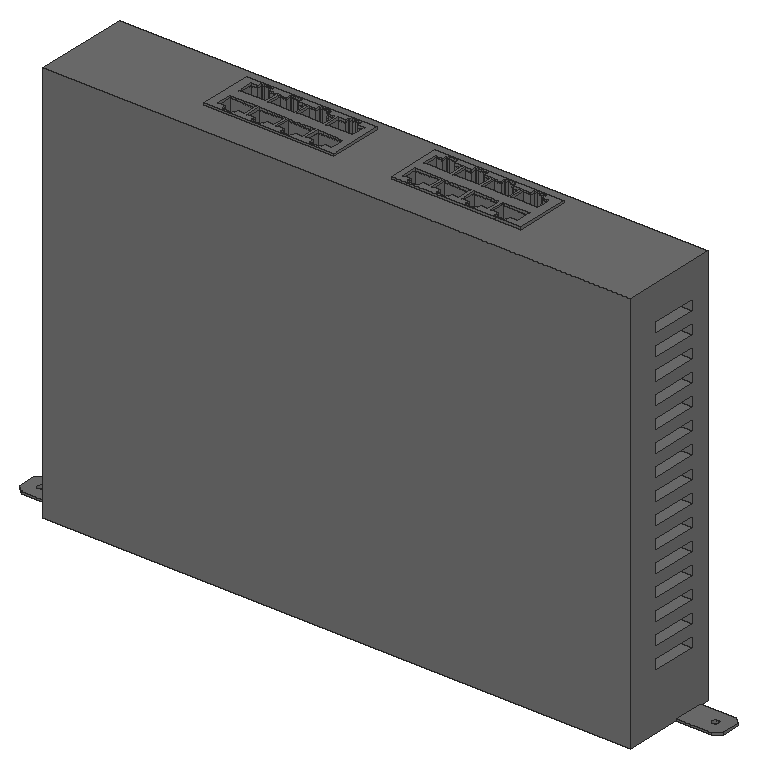
Revit family "Б4958_RV17_LOD400 (05.11.23)", category Электрооборудование, Revit 2017 (continued)
Connectors
  cabletrayconduit at (36.199, -6.589, 178), diameter 20, driven by "d_короба"
    settings: on cut or joined group 1 (Extrusion 1, Extrusion 3, Extrusion 4, Extrusion 5, Extrusion 6, Extrusion 7, Extrusion 8, Extrusion 9, Extrusion 10, Extrusion 11, Extrusion 12, Extrusion 13, Extrusion 14, Extrusion 15, Extrusion 16, Extrusion 17, Extrusion 19, Extrusion 20, Extrusion 21, Extrusion 22, Extrusion 23, Extrusion 24, Extrusion 25, Extrusion 26, Extrusion 27, Extrusion 28, Extrusion 29, Extrusion 30, Extrusion 31, Extrusion 32, Extrusion 33, Extrusion 34, Extrusion 35, Extrusion 36, Extrusion 37, Extrusion 38, Extrusion 39, Extrusion 40, Extrusion 41, Extrusion 42, Extrusion 43, Extrusion 44), index 27, connector width 300 mm, connector height 300 mm, connector angle 0.00°, system type 32, placement type 0, profile type 0, connector reference index -1, is primary connector no, connector utility param no, connector description ""
  cabletrayconduit at (49.725, -6.589, 178), diameter 20, driven by "d_короба"
    settings: on cut or joined group 1, index 28, connector width 300 mm, connector height 300 mm, connector angle 0.00°, system type 32, placement type 0, profile type 0, connector reference index -1, is primary connector no, connector utility param no, connector description ""
  cabletrayconduit at (63.25, -6.589, 178), diameter 20, driven by "d_короба"
    settings: on cut or joined group 1, index 29, connector width 300 mm, connector height 300 mm, connector angle 0.00°, system type 32, placement type 0, profile type 0, connector reference index -1, is primary connector no, connector utility param no, connector description ""
  cabletrayconduit at (63.25, 12.416, 187), diameter 20, driven by "d_короба"
    settings: on cut or joined group 1, index 30, connector width 300 mm, connector height 300 mm, connector angle 0.00°, system type 32, placement type 0, profile type 0, connector reference index -1, is primary connector no, connector utility param no, connector description ""
  cabletrayconduit at (49.725, 12.416, 188), diameter 20, driven by "d_короба"
    settings: on cut or joined group 2 (Extrusion 18, Extrusion 19, Extrusion 20, Extrusion 21, Extrusion 22, Extrusion 23, Extrusion 24, Extrusion 25, Extrusion 26, Extrusion 27, Extrusion 28, Extrusion 29, Extrusion 30, Extrusion 31, Extrusion 32, Extrusion 33, Extrusion 34), index 31, connector width 300 mm, connector height 300 mm, connector angle 0.00°, system type 32, placement type 0, profile type 0, connector reference index -1, is primary connector no, connector utility param no, connector description ""
  cabletrayconduit at (36.199, 12.416, 188), diameter 20, driven by "d_короба"
    settings: on cut or joined group 2, index 32, connector width 300 mm, connector height 300 mm, connector angle 0.00°, system type 32, placement type 0, profile type 0, connector reference index -1, is primary connector no, connector utility param no, connector description ""
  cabletrayconduit at (22.674, 12.416, 188), diameter 20, driven by "d_короба"
    settings: on cut or joined group 2, index 33, connector width 300 mm, connector height 300 mm, connector angle 0.00°, system type 32, placement type 0, profile type 0, connector reference index -1, is primary connector no, connector utility param no, connector description ""
